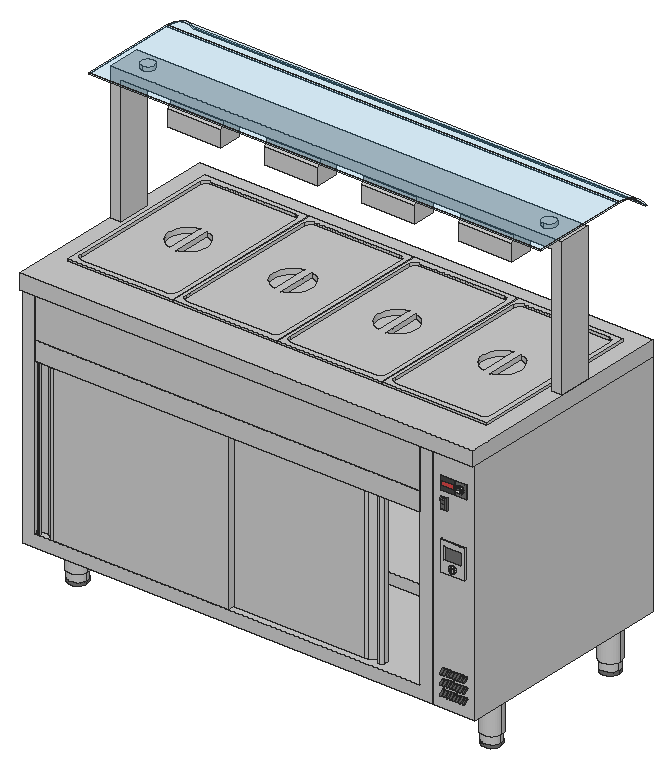
Revit family "QF_INOMAK_MJV714_250606113209", category Specialty Equipment, Revit 2021
Family settings
  Round Connector Dimension = Use Diameter
  Part Type = Normal
  OmniClass Number = 23.40.40.14
  OmniClass Title = Food Service Equipment
  Work Plane-Based = No
  Always vertical = Yes
  Cut with Voids When Loaded = No
  Shared = No
  Room Calculation Point = No
Parameters (values of type "MJV714")
  Weight [instance] = 82.0004 kg
  Waste Water Discharge Temperature [instance] = 0 °C
  Waste Remarks [instance] = ""
  Warranty Start Date [instance] = ""
  Warranty Duration [instance] = ""
  Volts [instance] = 400 V
  Volt Free Conn [instance] = no
  URL Recommended Spares List [instance] = ""
  URL Manufacturer [instance] = ""
  URL Cutsheet [instance] = ""
  URL Critical Spares List [instance] = ""
  URL = "www.inomak.com"
  Technical Documentation [instance] = ""
  Tag Number [instance] = ""
  Status [instance] = ""
  Start Up Current [instance] = 0 A
  Specification by User [instance] = ""
  Specification by Manufacturer [instance] = ""
  Sound Level [instance] = ""
  Show Logo [instance] = yes
  Show Clearances [instance] = yes
  Service Life Duration [instance] = ""
  Serial Number [instance] = ""
  Seismic Rating [instance] = ""
  SMACNA No [instance] = ""
  Revision Code [instance] = ""
  Revision [instance] = ""
  Production Year [instance] = ""
  Potential Equalisation [instance] = no
  Point Load [instance] = 0
  Plumbing Remarks [instance] = ""
  Plumbing Connection Type [instance] = ""
  Phase [instance] = 3
  Other Equipment Approvals [instance] = ""
  Operational Current [instance] = 0 A
  Odor Trap Included [instance] = no
  Number of Poles [instance] = 3
  No Load Power Draw [instance] = no
  National Water Regulation Certification [instance] = no
  NAFEM Spec ID Number [instance] = ""
  Model Warning [instance] = ""
  Model = "MJV714"
  Min Ckt Ampacity [instance] = 0 A
  Max Overcurrent Protection [instance] = 25 A
  Masterspec [instance] = ""
  Manufacturer = "INOMAK"
  Main switch integrated [instance] = no
  Length Actual [instance] = 1405.89 mm
  Item Number [instance] = ""
  Installed By [instance] = ""
  Installation Date [instance] = ""
  Indirect Waste Size [instance] = 25.4 mm
  Indirect Waste Remarks [instance] = ""
  Indirect Waste Flow [instance] = 0.0 L/s
  Indirect Waste Connection Type [instance] = ""
  Indirect Waste Connection Height [instance] = 0 mm
  Identify Quantity as Lot [instance] = no
  ID [instance] = ""
  Hygiene Approval [instance] = ""
  Height Actual [instance] = 1312.926 mm
  HP power [instance] = ""
  Furnished By [instance] = ""
  Foodservice Equipment Identifier [instance] = no
  FL Amps [instance] = 19.1 A
  Electrical Remarks [instance] = ""
  Electric power [instance] = 4360 W
  Electric Connection Type [instance] = ""
  Elec Conn RI Height [instance] = 0 mm
  Elec Conn Connection Height [instance] = 0 mm
  ETL Approved [instance] = no
  Direct Waste Water Discharge Temperature [instance] = -273.15 °C
  Direct Waste Size [instance] = 25.4 mm
  Direct Waste RI Height [instance] = 0 mm
  Direct Waste Flow [instance] = 0.0 L/s
  Direct Waste Connection Height [instance] = 0 mm
  Description = "BAIN MARIE ON HEATED CUPBOARD WITH 3 GN PANS CAPACITY AND SINGLE SNEEZE GUARD"
  Depth Actual [instance] = 700.024 mm
  Default Elevation = 0 mm
  Cycle [instance] = 50 Hz
  Cost = 0
  Connection to energy optimisation system [instance] = yes
  Conn Plug [instance] = ""
  Conn Conduit [instance] = no
  Cold Water Temperature Recommended [instance] = 0 °C
  Cold Water Size [instance] = 12.7 mm
  Cold Water Remarks [instance] = ""
  Cold Water RI Height [instance] = 0 mm
  Cold Water Quality [instance] = ""
  Cold Water Minimum Pressure [instance] = 200000.0 Pa
  Cold Water Maximum Pressure [instance] = 600000.0 Pa
  Cold Water Flow [instance] = 0.0 L/s
  Cold Water Connection Type [instance] = ""
  Cold Water Connection Height [instance] = 0 mm
  Centralized building control system with digital interface [instance] = ""
  CSI MasterFormat [instance] = ""
  CE Approved [instance] = no
  Barcode [instance] = 0
  Author [instance] = ""
  Asset Identifier [instance] = ""
  Apparent Power [instance] = 4360 VA
  Accessory [instance] = no
Reference planes
  plane 1 "Center (Front/Back)": y = 0
  plane 2: z = 0
  plane 3 "Center (Left/Right)": x = 0
Forms (mm)
  Extrusion 1, solid, not visible
    sketch origin (110.005, -510.025, 146.007) x (1, 0, 0) y (0, 1, 0)
      loop
        line (-2, 2) -> (-2, -2) -> (2, -2) -> (2, 2) -> (-2, 2)
    from -2 to 2
  Extrusion 2, solid, not visible
    sketch origin (110.005, -410.02, 146.007) x (1, 0, 0) y (0, 1, 0)
      loop
        line (-2, 2) -> (-2, -2) -> (2, -2) -> (2, 2) -> (-2, 2)
    from -2 to 2
  Extrusion 3, solid, not visible
    sketch origin (1360.066, -635.031, 146.007) x (1, 0, 0) y (0, 1, 0)
      loop
        line (-2, 2) -> (-2, -2) -> (2, -2) -> (2, 2) -> (-2, 2)
    from -2 to 2
Dimensions and locks
  locked: nested 2 to Extrusion 1 at 2  (x2)
  locked: nested 3 to Extrusion 2 at 2  (x2)
  locked: nested 4 to Extrusion 3 at 2  (x2)
  aligned and locked: level to plane 2
Nested families
  nested 1: "QF_INOMAK_CUPBOARD_BAIN_MARIES_1410_2920" at (0, 0, 144), type "MJV714"
    with Weight 82.0004 kg, Warranty Start Date "", Warranty Duration "", URL Cutsheet "", Technical Documentation "", Tag Number "", Status "", Specification by User "", Specification by Manufacturer "", Sound Level "", Solid Fuel Type "", Show Logo yes, Show Clearances yes, Service Life Duration "", Serial Number "", Seismic Rating "", SMACNA No "", Revision Code "", Revision "", Production Year "", Point Load 0, Other Equipment Approvals "", NAFEM Spec ID Number "", Model Warning "", Masterspec "", Length Actual 1405.89 mm, Item Number "", Installed By "", Installation Date "", Identify Quantity as Lot yes, ID "", Hygiene Approval "", Height Actual 1312.926 mm, Furnished By "", Foodservice Equipment Identifier yes, ETL Approved yes, Depth Actual 700.024 mm, CSI MasterFormat "", CE Approved yes, Barcode "", Author "", Asset Identifier "", Accessory no
  nested 2: "CONN_POINT_COLDWATER_2D___Generic_Annotation" at (110.005, -510.025, 144.007), type "CONN_POINT_COLDWATER_2D___Generic_Annotation"
    with Onboard connection annotation symbol visibility yes
  nested 3: "CONN_POINT_DRAIN_2D___Generic_Annotation" at (110.005, -410.02, 144.007), type "CONN_POINT_DRAIN_2D___Generic_Annotation"
    with Onboard connection annotation symbol visibility yes
  nested 4: "CONN_POINT_ELE_2D___Generic_Annotation" at (1360.066, -635.031, 144.007), type "CONN_POINT_ELE_2D___Generic_Annotation"
    with Onboard connection annotation symbol visibility yes
  nested 5: "QF_INOMAK_HEAT_WORKTOPS_HTSS_1410_5042" at (0, 0, 900), type "HTSS-1410-630"
    with Weight 0.00 kg, Warranty Start Date "", Warranty Duration "", URL Cutsheet "", Technical Documentation "", Tag Number "", Status "", Specification by User "", Specification by Manufacturer "", Sound Level "", Solid Fuel Type "", Show Logo yes, Show Clearances yes, Service Life Duration "", Serial Number "", Seismic Rating "", SMACNA No "", Revision Code "", Revision "", Production Year "", Point Load 0, Other Equipment Approvals "", NAFEM Spec ID Number "", Model Warning "", Masterspec "", Length Actual 1405.89 mm, Item Number "", Installed By "", Installation Date "", Identify Quantity as Lot yes, ID "", Hygiene Approval "", Height Actual 439.928 mm, Furnished By "", Foodservice Equipment Identifier yes, ETL Approved yes, Depth Actual 629.92 mm, CSI MasterFormat "", CE Approved yes, Barcode "", Author "", Asset Identifier "", Accessory yes
  nested 6: "QF_INOMAK_LEGS_6112" at (0, 0, 0), type "LG-1410-700"
    with Weight 0.00 kg, Warranty Start Date "", Warranty Duration "", URL Cutsheet "", Technical Documentation "", Tag Number "", Status "", Specification by User "", Specification by Manufacturer "", Sound Level "", Solid Fuel Type "", Show Logo yes, Show Clearances yes, Service Life Duration "", Serial Number "", Seismic Rating "", SMACNA No "", Revision Code "", Revision "", Production Year "", Point Load 0, Other Equipment Approvals "", NAFEM Spec ID Number "", Model Warning "", Masterspec "", Length Actual 1405.89 mm, Item Number "", Installed By "", Installation Date "", Identify Quantity as Lot yes, ID "", Hygiene Approval "", Height Actual 144.018 mm, Furnished By "", Foodservice Equipment Identifier yes, ETL Approved yes, Depth Actual 700.024 mm, CSI MasterFormat "", CE Approved yes, Barcode "", Author "", Asset Identifier "", Accessory yes
Connectors
  piping at (110.005, -510.025, 144.007), diameter 12.7, driven by "Cold Water Size", driven by "Cold Water Flow"
    settings: on Extrusion 1, index 1, connector inside diameter 609.6 mm, connector length 0 mm, flow factor 0, pipe flow 0.0 L/s, pressure drop 0.0 Pa, fitting loss kfactor 0, connector angle 0.00°, fixture units 0, engagement length 0 mm, angle of deflection 0.00°, flow configuration 1, flow direction 1, fitting loss method 0, system type 20, joint type 0, gender type 0, connector reference index -1, connector utility 0, adjustable connector no, is connector primary yes, connector description "Cold Water connection for MJV714"
  piping at (110.005, -410.02, 144.007), diameter 25.4, driven by "Indirect Waste Size", driven by "Direct Waste Flow"
    settings: on Extrusion 2, index 2, connector inside diameter 609.6 mm, connector length 0 mm, flow factor 0, pipe flow 0.0 L/s, pressure drop 0.0 Pa, fitting loss kfactor 0, connector angle 0.00°, fixture units 0, engagement length 0 mm, angle of deflection 0.00°, flow configuration 1, flow direction 2, fitting loss method 0, system type 16, joint type 0, gender type 0, connector reference index -1, connector utility 0, adjustable connector no, is connector primary no, connector description "Waste connection for MJV714"
  electrical at (1360.066, -635.031, 144.007), driven by "Apparent Power", driven by "Number of Poles", driven by "Volts"
    settings: on Extrusion 3, index 3, voltage 400 V, apparent load 0 VA, apparent load phase1 4360 VA, apparent load phase2 0 VA, apparent load phase3 0 VA, power factor 1, load classification "Other", number of poles 3, system type 31, power factor state 1, is connector primary yes, connector utility no, sub classification motor no, connector description "Electrical connection for MJV714"
Definition of nested family "QF_INOMAK_CUPBOARD_BAIN_MARIES_1410_2920"
  Parameters (values of type "MFV714")
    Weight [instance] = 0.00 kg
    Warranty Start Date [instance] = ""
    Warranty Duration [instance] = ""
    URL Cutsheet [instance] = ""
    URL = "www.inomak.com"
    Technical Documentation [instance] = ""
    Tag Number [instance] = ""
    Status [instance] = ""
    Specification by User [instance] = ""
    Specification by Manufacturer [instance] = ""
    Sound Level [instance] = ""
    Solid Fuel Type [instance] = ""
    Show Logo [instance] = yes
    Show Clearances [instance] = yes
    Service Life Duration [instance] = ""
    Serial Number [instance] = ""
    Seismic Rating [instance] = ""
    SMACNA No [instance] = ""
    Revision Code [instance] = ""
    Revision [instance] = ""
    Production Year [instance] = ""
    Point Load [instance] = 0
    Other Equipment Approvals [instance] = ""
    NAFEM Spec ID Number [instance] = ""
    Model Warning [instance] = ""
    Model = "MFV714"
    Masterspec [instance] = ""
    Manufacturer = "INOMAK"
    Length Actual [instance] = 0 mm
    Item Number [instance] = ""
    Installed By [instance] = ""
    Installation Date [instance] = ""
    Identify Quantity as Lot [instance] = yes
    ID [instance] = ""
    Hygiene Approval [instance] = ""
    Height Actual [instance] = 0 mm
    Furnished By [instance] = ""
    Foodservice Equipment Identifier [instance] = yes
    ETL Approved [instance] = yes
    Description = "BAIN MARIE ON CUPBOARD WITH 3 GN PANS CAPACITY AND SHOWCASE"
    Depth Actual [instance] = 0 mm
    Default Elevation = 0 mm
    CSI MasterFormat [instance] = ""
    CE Approved [instance] = yes
    Barcode [instance] = ""
    Author [instance] = ""
    Asset Identifier [instance] = ""
    Assembly Code = "E1090320"
    Accessory [instance] = yes
  Types (10, lengths in mm): name | Model | Description
    MFV714 | "MFV714" | "BAIN MARIE ON CUPBOARD WITH 3 GN PANS CAPACITY AND SHOWCASE"
    MDV714 | "MDV714" | "BAIN MARIE ON CUPBOARD WITH 3 GN PANS CAPACITY"
    MVV714 | "MVV714" | "BAIN MARIE ON CUPBOARD WITH 3 GN PANS CAPACITY AND SINGLE SNEEZE GUARD"
    MRV714 | "MRV714" | "BAIN MARIE ON CUPBOARD WITH 3 GN PANS CAPACITY AND DOUBLE SNEEZE GUARD"
    MFSQ714 | "MFSQ714" | "BAIN MARIE ON CUPBOARD WITH 3 GN PANS CAPACITY AND SQUARE SHOWCASE"
    MIV714 | "MIV714" | "BAIN MARIE ON HEATED CUPBOARD WITH 3 GN PANS CAPACITY AND SHOWCASE"
    MHV714 | "MHV714" | "BAIN MARIE ON HEATED CUPBOARD WITH 3 GN PANS CAPACITY"
    MJV714 | "MJV714" | "BAIN MARIE ON HEATED CUPBOARD WITH 3 GN PANS CAPACITY AND SINGLE SNEEZE GUARD"
    MQV714 | "MQV714" | "BAIN MARIE ON HEATED CUPBOARD WITH 3 GN PANS CAPACITY AND DOUBLE SNEEZE GUARD"
    MISQ714 | "MISQ714" | "BAIN MARIE ON HEATED CUPBOARD WITH 3 GN PANS CAPACITY AND SQUARE SHOWCASE"
  Reference planes
    plane 1 "Back": y = 0
    plane 2: z = 0
    plane 3 "Left": x = 0
    plane 4 "Right": x = 1406
    plane 5 "Front": y = -700
    plane 6 "Top": z = 756
  Forms (mm)
    Extrusion 1, solid
      sketch origin (784.283, -707, -123.631) x (-1, 0, 0) y (0, 0, 1)
        loop
          arc (-522.253, 235.165) -> (-526.351, 236.263) -> (-527.449, 232.165) r 3
          line (-527.449, 232.165) -> (-518.449, 216.577)
          arc (-518.449, 216.577) -> (-514.351, 215.479) -> (-513.253, 219.577) r 3
          line (-513.253, 219.577) -> (-522.253, 235.165)
        loop
          arc (-532.253, 235.165) -> (-536.351, 236.263) -> (-537.449, 232.165) r 3
          line (-537.449, 232.165) -> (-528.449, 216.577)
          arc (-528.449, 216.577) -> (-524.351, 215.479) -> (-523.253, 219.577) r 3
          line (-523.253, 219.577) -> (-532.253, 235.165)
        loop
          arc (-542.253, 235.165) -> (-546.351, 236.263) -> (-547.449, 232.165) r 3
          line (-547.449, 232.165) -> (-538.449, 216.577)
          arc (-538.449, 216.577) -> (-534.351, 215.479) -> (-533.253, 219.577) r 3
          line (-533.253, 219.577) -> (-542.253, 235.165)
        loop
          arc (-552.253, 235.165) -> (-556.351, 236.263) -> (-557.449, 232.165) r 3
          line (-557.449, 232.165) -> (-548.449, 216.577)
          arc (-548.449, 216.577) -> (-544.351, 215.479) -> (-543.253, 219.577) r 3
          line (-543.253, 219.577) -> (-552.253, 235.165)
        loop
          arc (-562.253, 235.165) -> (-566.351, 236.263) -> (-567.449, 232.165) r 3
          line (-567.449, 232.165) -> (-558.449, 216.577)
          arc (-558.449, 216.577) -> (-554.351, 215.479) -> (-553.253, 219.577) r 3
          line (-553.253, 219.577) -> (-562.253, 235.165)
        loop
          arc (-572.253, 235.165) -> (-576.351, 236.263) -> (-577.449, 232.165) r 3
          line (-577.449, 232.165) -> (-568.449, 216.577)
          arc (-568.449, 216.577) -> (-564.351, 215.479) -> (-563.253, 219.577) r 3
          line (-563.253, 219.577) -> (-572.253, 235.165)
        loop
          arc (-582.253, 235.165) -> (-586.351, 236.263) -> (-587.449, 232.165) r 3
          line (-587.449, 232.165) -> (-578.449, 216.577)
          arc (-578.449, 216.577) -> (-574.351, 215.479) -> (-573.253, 219.577) r 3
          line (-573.253, 219.577) -> (-582.253, 235.165)
        loop
          arc (-592.253, 235.165) -> (-596.351, 236.263) -> (-597.449, 232.165) r 3
          line (-597.449, 232.165) -> (-588.449, 216.577)
          arc (-588.449, 216.577) -> (-584.351, 215.479) -> (-583.253, 219.577) r 3
          line (-583.253, 219.577) -> (-592.253, 235.165)
        loop
          arc (-522.253, 205.165) -> (-526.351, 206.263) -> (-527.449, 202.165) r 3
          line (-527.449, 202.165) -> (-518.449, 186.577)
          arc (-518.449, 186.577) -> (-514.351, 185.479) -> (-513.253, 189.577) r 3
          line (-513.253, 189.577) -> (-522.253, 205.165)
        loop
          arc (-532.253, 205.165) -> (-536.351, 206.263) -> (-537.449, 202.165) r 3
          line (-537.449, 202.165) -> (-528.449, 186.577)
          arc (-528.449, 186.577) -> (-524.351, 185.479) -> (-523.253, 189.577) r 3
          line (-523.253, 189.577) -> (-532.253, 205.165)
        loop
          arc (-542.253, 205.165) -> (-546.351, 206.263) -> (-547.449, 202.165) r 3
          line (-547.449, 202.165) -> (-538.449, 186.577)
          arc (-538.449, 186.577) -> (-534.351, 185.479) -> (-533.253, 189.577) r 3
          line (-533.253, 189.577) -> (-542.253, 205.165)
        loop
          arc (-552.253, 205.165) -> (-556.351, 206.263) -> (-557.449, 202.165) r 3
          line (-557.449, 202.165) -> (-548.449, 186.577)
          arc (-548.449, 186.577) -> (-544.351, 185.479) -> (-543.253, 189.577) r 3
          line (-543.253, 189.577) -> (-552.253, 205.165)
        loop
          arc (-562.253, 205.165) -> (-566.351, 206.263) -> (-567.449, 202.165) r 3
          line (-567.449, 202.165) -> (-558.449, 186.577)
          arc (-558.449, 186.577) -> (-554.351, 185.479) -> (-553.253, 189.577) r 3
          line (-553.253, 189.577) -> (-562.253, 205.165)
        loop
          arc (-572.253, 205.165) -> (-576.351, 206.263) -> (-577.449, 202.165) r 3
          line (-577.449, 202.165) -> (-568.449, 186.577)
          arc (-568.449, 186.577) -> (-564.351, 185.479) -> (-563.253, 189.577) r 3
          line (-563.253, 189.577) -> (-572.253, 205.165)
        loop
          arc (-582.253, 205.165) -> (-586.351, 206.263) -> (-587.449, 202.165) r 3
          line (-587.449, 202.165) -> (-578.449, 186.577)
          arc (-578.449, 186.577) -> (-574.351, 185.479) -> (-573.253, 189.577) r 3
          line (-573.253, 189.577) -> (-582.253, 205.165)
        loop
          arc (-592.253, 205.165) -> (-596.351, 206.263) -> (-597.449, 202.165) r 3
          line (-597.449, 202.165) -> (-588.449, 186.577)
          arc (-588.449, 186.577) -> (-584.351, 185.479) -> (-583.253, 189.577) r 3
          line (-583.253, 189.577) -> (-592.253, 205.165)
        loop
          arc (-522.253, 175.165) -> (-526.351, 176.263) -> (-527.449, 172.165) r 3
          line (-527.449, 172.165) -> (-518.449, 156.577)
          arc (-518.449, 156.577) -> (-514.351, 155.479) -> (-513.253, 159.577) r 3
          line (-513.253, 159.577) -> (-522.253, 175.165)
        loop
          arc (-532.253, 175.165) -> (-536.351, 176.263) -> (-537.449, 172.165) r 3
          line (-537.449, 172.165) -> (-528.449, 156.577)
          arc (-528.449, 156.577) -> (-524.351, 155.479) -> (-523.253, 159.577) r 3
          line (-523.253, 159.577) -> (-532.253, 175.165)
        loop
          arc (-542.253, 175.165) -> (-546.351, 176.263) -> (-547.449, 172.165) r 3
          line (-547.449, 172.165) -> (-538.449, 156.577)
          arc (-538.449, 156.577) -> (-534.351, 155.479) -> (-533.253, 159.577) r 3
          line (-533.253, 159.577) -> (-542.253, 175.165)
        loop
          arc (-552.253, 175.165) -> (-556.351, 176.263) -> (-557.449, 172.165) r 3
          line (-557.449, 172.165) -> (-548.449, 156.577)
          arc (-548.449, 156.577) -> (-544.351, 155.479) -> (-543.253, 159.577) r 3
          line (-543.253, 159.577) -> (-552.253, 175.165)
        loop
          arc (-562.253, 175.165) -> (-566.351, 176.263) -> (-567.449, 172.165) r 3
          line (-567.449, 172.165) -> (-558.449, 156.577)
          arc (-558.449, 156.577) -> (-554.351, 155.479) -> (-553.253, 159.577) r 3
          line (-553.253, 159.577) -> (-562.253, 175.165)
        loop
          arc (-572.253, 175.165) -> (-576.351, 176.263) -> (-577.449, 172.165) r 3
          line (-577.449, 172.165) -> (-568.449, 156.577)
          arc (-568.449, 156.577) -> (-564.351, 155.479) -> (-563.253, 159.577) r 3
          line (-563.253, 159.577) -> (-572.253, 175.165)
        loop
          arc (-582.253, 175.165) -> (-586.351, 176.263) -> (-587.449, 172.165) r 3
          line (-587.449, 172.165) -> (-578.449, 156.577)
          arc (-578.449, 156.577) -> (-574.351, 155.479) -> (-573.253, 159.577) r 3
          line (-573.253, 159.577) -> (-582.253, 175.165)
        loop
          arc (-592.253, 175.165) -> (-596.351, 176.263) -> (-597.449, 172.165) r 3
          line (-597.449, 172.165) -> (-588.449, 156.577)
          arc (-588.449, 156.577) -> (-584.351, 155.479) -> (-583.253, 159.577) r 3
          line (-583.253, 159.577) -> (-592.253, 175.165)
      from 16.5 to 18.5
    Extrusion 2, solid
      sketch origin (1092.266, -692, 538.514) x (-1, 0, 0) y (0, 0, 1)
        loop
          line (-208.234, 108.408) -> (-253.234, 108.408) -> (-253.234, 68.408) -> (-208.234, 68.408) -> (-208.234, 108.408)
      from 0 to 2
    Extrusion 3, solid
      sketch origin (370.5, -693, 539.422) x (-1, 0, 0) y (0, 0, 1)
        loop
          line (-950, 15) -> (-930, 15) -> (-930, 50) -> (-950, 50) -> (-950, 15)
      from 0 to 3
    Extrusion 4, solid
      sketch origin (398.5, -568, 539.422) x (0, 1, 0) y (0, 0, 1)
        loop
          line (-125, 18) -> (-125, 47)
          arc (-125, 47) -> (-127.961, 46.812) -> (-130.754, 45.81) r 10.576
          line (-130.754, 45.81) -> (-128, 32.5) -> (-128, 18) -> (-125, 18)
      from 905 to 919
    Extrusion 5, solid
      sketch origin (1137.266, -692, 538.514) x (-1, 0, 0) y (0, 0, 1)
        loop
          line (-208.234, 108.408) -> (-243.234, 108.408) -> (-243.234, 68.408) -> (-208.234, 68.408) -> (-208.234, 108.408)
      from 0 to 2
    Extrusion 6, solid
      sketch origin (1092.266, -692.5, 538.514) x (-1, 0, 0) y (0, 0, 1)
        loop
          line (-213.234, 94.908) -> (-248.234, 94.908) -> (-248.234, 81.908) -> (-213.234, 81.908) -> (-213.234, 94.908)
      from 0 to 2.5
    Extrusion 7, solid
      sketch origin (1092.266, -692.5, 538.514) x (-1, 0, 0) y (0, 0, 1)
        loop
          line (-271.558, 91.171) -> (-275.802, 98.522) -> (-280.047, 91.171) -> (-271.558, 91.171)
        loop
          line (-271.558, 85.645) -> (-280.047, 85.645) -> (-275.802, 78.294) -> (-271.558, 85.645)
        loop
          line (-257.397, 85.645) -> (-267.397, 85.645) -> (-267.397, 78.294) -> (-257.397, 78.294) -> (-257.397, 85.645)
        loop
          line (-265.397, 98.522) -> (-267.397, 98.522) -> (-267.397, 92.322) -> (-259.549, 92.322) -> (-259.549, 91.171) -> (-257.397, 93.322) -> (-259.549, 95.474) -> (-259.549, 94.322) -> (-265.397, 94.322) -> (-265.397, 98.522)
      from 0 to 2.5
    Extrusion 8, solid
      sketch origin (-2, 0, 492) x (1, 0, 0) y (0, 1, 0)
        loop
          line (55, -50) -> (55, -580) -> (380, -580) -> (380, -50) -> (55, -50)
        loop
          arc (87.5, -65) -> (73.358, -70.858) -> (67.5, -85) r 20
          line (67.5, -85) -> (67.5, -545.415)
          arc (67.5, -545.415) -> (73.358, -559.557) -> (87.5, -565.415) r 20
          line (87.5, -565.415) -> (347.5, -565.415)
          arc (347.5, -565.415) -> (361.642, -559.557) -> (367.5, -545.415) r 20
          line (367.5, -545.415) -> (367.5, -85)
          arc (367.5, -85) -> (361.642, -70.858) -> (347.5, -65) r 20
          line (347.5, -65) -> (87.5, -65)
      from 218 to 270
    Extrusion 9, solid
      sketch origin (-2, 0, 485) x (1, 0, 0) y (0, 1, 0)
        loop
          arc (67.5, -545.415) -> (73.358, -559.557) -> (87.5, -565.415) r 20
          line (87.5, -565.415) -> (347.5, -565.415)
          arc (347.5, -565.415) -> (361.642, -559.557) -> (367.5, -545.415) r 20
          line (367.5, -545.415) -> (367.5, -85)
          arc (367.5, -85) -> (361.642, -70.858) -> (347.5, -65) r 20
          line (347.5, -65) -> (87.5, -65)
          arc (87.5, -65) -> (73.358, -70.858) -> (67.5, -85) r 20
          line (67.5, -85) -> (67.5, -545.415)
      from 225 to 270
    Extrusion 10, void
      sketch origin (-2, 0, 500) x (1, 0, 0) y (0, 1, 0)
        loop
          arc (207.5, -256.046) -> (157.5, -315.207) -> (207.5, -374.368) r 60
          line (207.5, -374.368) -> (207.5, -256.046)
        loop
          line (227.5, -256.046) -> (227.5, -374.368)
          arc (227.5, -374.368) -> (277.5, -315.207) -> (227.5, -256.046) r 60
      from 240 to 270
    Extrusion 11, solid
      sketch origin (323, 0, 492) x (1, 0, 0) y (0, 1, 0)
        loop
          line (55, -50) -> (55, -580) -> (380, -580) -> (380, -50) -> (55, -50)
        loop
          arc (87.5, -65) -> (73.358, -70.858) -> (67.5, -85) r 20
          line (67.5, -85) -> (67.5, -545.415)
          arc (67.5, -545.415) -> (73.358, -559.557) -> (87.5, -565.415) r 20
          line (87.5, -565.415) -> (347.5, -565.415)
          arc (347.5, -565.415) -> (361.642, -559.557) -> (367.5, -545.415) r 20
          line (367.5, -545.415) -> (367.5, -85)
          arc (367.5, -85) -> (361.642, -70.858) -> (347.5, -65) r 20
          line (347.5, -65) -> (87.5, -65)
      from 218 to 270
    Extrusion 12, solid
      sketch origin (323, 0, 485) x (1, 0, 0) y (0, 1, 0)
        loop
          arc (67.5, -545.415) -> (73.358, -559.557) -> (87.5, -565.415) r 20
          line (87.5, -565.415) -> (347.5, -565.415)
          arc (347.5, -565.415) -> (361.642, -559.557) -> (367.5, -545.415) r 20
          line (367.5, -545.415) -> (367.5, -85)
          arc (367.5, -85) -> (361.642, -70.858) -> (347.5, -65) r 20
          line (347.5, -65) -> (87.5, -65)
          arc (87.5, -65) -> (73.358, -70.858) -> (67.5, -85) r 20
          line (67.5, -85) -> (67.5, -545.415)
      from 225 to 270
    Extrusion 13, void
      sketch origin (323, 0, 500) x (1, 0, 0) y (0, 1, 0)
        loop
          arc (207.5, -256.046) -> (157.5, -315.207) -> (207.5, -374.368) r 60
          line (207.5, -374.368) -> (207.5, -256.046)
        loop
          line (227.5, -256.046) -> (227.5, -374.368)
          arc (227.5, -374.368) -> (277.5, -315.207) -> (227.5, -256.046) r 60
      from 240 to 270
    Extrusion 14, solid
      sketch origin (973, 0, 492) x (1, 0, 0) y (0, 1, 0)
        loop
          line (55, -50) -> (55, -580) -> (380, -580) -> (380, -50) -> (55, -50)
        loop
          arc (87.5, -65) -> (73.358, -70.858) -> (67.5, -85) r 20
          line (67.5, -85) -> (67.5, -545.415)
          arc (67.5, -545.415) -> (73.358, -559.557) -> (87.5, -565.415) r 20
          line (87.5, -565.415) -> (347.5, -565.415)
          arc (347.5, -565.415) -> (361.642, -559.557) -> (367.5, -545.415) r 20
          line (367.5, -545.415) -> (367.5, -85)
          arc (367.5, -85) -> (361.642, -70.858) -> (347.5, -65) r 20
          line (347.5, -65) -> (87.5, -65)
      from 218 to 270
    Extrusion 15, solid
      sketch origin (973, 0, 485) x (1, 0, 0) y (0, 1, 0)
        loop
          arc (67.5, -545.415) -> (73.358, -559.557) -> (87.5, -565.415) r 20
          line (87.5, -565.415) -> (347.5, -565.415)
          arc (347.5, -565.415) -> (361.642, -559.557) -> (367.5, -545.415) r 20
          line (367.5, -545.415) -> (367.5, -85)
          arc (367.5, -85) -> (361.642, -70.858) -> (347.5, -65) r 20
          line (347.5, -65) -> (87.5, -65)
          arc (87.5, -65) -> (73.358, -70.858) -> (67.5, -85) r 20
          line (67.5, -85) -> (67.5, -545.415)
      from 225 to 270
    Extrusion 16, void
      sketch origin (973, 0, 500) x (1, 0, 0) y (0, 1, 0)
        loop
          arc (207.5, -256.046) -> (157.5, -315.207) -> (207.5, -374.368) r 60
          line (207.5, -374.368) -> (207.5, -256.046)
        loop
          line (227.5, -256.046) -> (227.5, -374.368)
          arc (227.5, -374.368) -> (277.5, -315.207) -> (227.5, -256.046) r 60
      from 240 to 270
    Extrusion 17, solid
      sketch origin (0, 0, 710) x (1, 0, 0) y (0, 1, 0)
        loop
          line (0, 0) -> (0, -700) -> (1406, -700) -> (1406, 0) -> (0, 0)
        loop
          line (53, -50) -> (53, -580) -> (1353, -580) -> (1353, -50) -> (53, -50)
      from 0 to 46
    Extrusion 18, solid
      sketch origin (0, 0, 0) x (1, 0, 0) y (0, 1, 0)
        loop
          line (0, -690) -> (40, -690) -> (40, -40) -> (1235, -40) -> (1235, -690) -> (1275, -690) -> (1275, 0) -> (0, 0) -> (0, -690)
      from 0 to 710
    Extrusion 19, solid
      sketch origin (303, 0, 0) x (1, 0, 0) y (0, 1, 0)
        loop
          line (972, 0) -> (972, -690) -> (1103, -690) -> (1103, 0) -> (972, 0)
      from 0 to 710
    Extrusion 20, solid
      sketch origin (-130, -690, 0) x (-1, 0, 0) y (0, 1, 0)
        loop
          line (-170, 10) -> (-170, 20) -> (-770, 20) -> (-770, 0) -> (-226.156, 0)
          arc (-226.156, 0) -> (-220.272, 0.885) -> (-214.91, 3.461) r 20
          line (-214.91, 3.461) -> (-195, 17) -> (-173, 17) -> (-173, 10)
          arc (-173, 10) -> (-175.05, 5.05) -> (-180, 3) r 7
          line (-180, 3) -> (-185.012, 3) -> (-185.012, 0) -> (-180, 0)
          arc (-180, 0) -> (-172.929, 2.929) -> (-170, 10) r 10
      from -40 to -520
    Extrusion 21, solid
      sketch origin (173, -690, 0) x (-1, 0, 0) y (0, 1, 0)
        loop
          arc (-930, 30) -> (-927.071, 22.929) -> (-920, 20) r 10
          line (-920, 20) -> (-914.988, 20) -> (-914.988, 23) -> (-920, 23)
          arc (-920, 23) -> (-924.95, 25.05) -> (-927, 30) r 7
          line (-927, 30) -> (-927, 37) -> (-905, 37) -> (-885.09, 23.461)
          arc (-885.09, 23.461) -> (-879.728, 20.885) -> (-873.844, 20) r 20
          line (-873.844, 20) -> (-325, 20) -> (-325, 40) -> (-930, 40) -> (-930, 30)
      from -40 to -520
    Extrusion 22, solid
      sketch origin (0, 0, 0) x (1, 0, 0) y (0, 1, 0)
        loop
          line (40, -40) -> (40, -690) -> (1235, -690) -> (1235, -40) -> (40, -40)
      from 0 to 40
    Extrusion 23, solid
      sketch origin (0, 0, 672.314) x (1, 0, 0) y (0, 1, 0)
        loop
          line (40, -40) -> (40, -690) -> (1235, -690) -> (1235, -40) -> (40, -40)
      from -92.314 to 37.686
    Extrusion 24, solid
      sketch origin (0, 0, 610.314) x (1, 0, 0) y (0, 1, 0)
        loop
          line (40, -40) -> (40, -690) -> (1235, -690) -> (1235, -40) -> (40, -40)
      from -90.314 to -30.314
    Extrusion 25, solid
      sketch origin (-2, 0, 252.5) x (1, 0, 0) y (0, 1, 0)
        loop
          line (42, -40) -> (42, -645) -> (1237, -645) -> (1237, -40) -> (42, -40)
      from 0 to 35
    Extrusion 26, solid
      sketch origin (310.002, -695, 50) x (-1, 0, 0) y (0, 0, 1)
        loop
          line (-992.998, 421.076) -> (-1067.998, 421.076) -> (-1067.998, 331.076) -> (-992.998, 331.076) -> (-992.998, 421.076)
        loop
          line (-1003.957, 406.276) -> (-1058.957, 406.276) -> (-1058.957, 366.276) -> (-1003.957, 366.276) -> (-1003.957, 406.276)
      from 0 to 5
    Extrusion 27, solid
      sketch origin (310.002, -692, 50) x (-1, 0, 0) y (0, 0, 1)
        loop
          line (-1003.957, 406.276) -> (-1058.957, 406.276) -> (-1058.957, 366.276) -> (-1003.957, 366.276) -> (-1003.957, 406.276)
      from 0 to 2
    Revolve 28, solid
      sketch origin (1340.5, 59.612, -3292.415) x (0, 1, 0) y (0, 0, 1)
        loop
          line (-757.012, 3691.152) -> (-754.612, 3691.152) -> (-754.612, 3701.789) -> (-757.662, 3701.789) -> (-759.012, 3699.998) -> (-757.012, 3699.998) -> (-757.012, 3691.152)
        axis (-754.612, 3691.152) -> (-759.012, 3691.152)
      angle from 0 to 360
    Extrusion 29, solid
      sketch origin (-751.127, -695, 2689.585) x (-1, 0, 0) y (0, 0, 1)
        loop
          line (-2090.827, -2287.348) -> (-2092.827, -2287.348) -> (-2092.827, -2294.348) -> (-2090.827, -2294.348) -> (-2090.827, -2287.348)
        loop
          circle (-2091.627, -2290.848) r 7.846
      from -4.4 to -2.4
    Extrusion 30, solid
      sketch origin (648, 0, 492) x (1, 0, 0) y (0, 1, 0)
        loop
          line (55, -50) -> (55, -580) -> (380, -580) -> (380, -50) -> (55, -50)
        loop
          arc (87.5, -65) -> (73.358, -70.858) -> (67.5, -85) r 20
          line (67.5, -85) -> (67.5, -545.415)
          arc (67.5, -545.415) -> (73.358, -559.557) -> (87.5, -565.415) r 20
          line (87.5, -565.415) -> (347.5, -565.415)
          arc (347.5, -565.415) -> (361.642, -559.557) -> (367.5, -545.415) r 20
          line (367.5, -545.415) -> (367.5, -85)
          arc (367.5, -85) -> (361.642, -70.858) -> (347.5, -65) r 20
          line (347.5, -65) -> (87.5, -65)
      from 218 to 270
    Extrusion 31, solid
      sketch origin (648, 0, 485) x (1, 0, 0) y (0, 1, 0)
        loop
          arc (67.5, -545.415) -> (73.358, -559.557) -> (87.5, -565.415) r 20
          line (87.5, -565.415) -> (347.5, -565.415)
          arc (347.5, -565.415) -> (361.642, -559.557) -> (367.5, -545.415) r 20
          line (367.5, -545.415) -> (367.5, -85)
          arc (367.5, -85) -> (361.642, -70.858) -> (347.5, -65) r 20
          line (347.5, -65) -> (87.5, -65)
          arc (87.5, -65) -> (73.358, -70.858) -> (67.5, -85) r 20
          line (67.5, -85) -> (67.5, -545.415)
      from 225 to 270
    Extrusion 32, void
      sketch origin (648, 0, 500) x (1, 0, 0) y (0, 1, 0)
        loop
          arc (207.5, -256.046) -> (157.5, -315.207) -> (207.5, -374.368) r 60
          line (207.5, -374.368) -> (207.5, -256.046)
        loop
          line (227.5, -256.046) -> (227.5, -374.368)
          arc (227.5, -374.368) -> (277.5, -315.207) -> (227.5, -256.046) r 60
      from 240 to 270
  Cuts and joins
    Extrusion 10, Extrusion 13 cuts Extrusion 9
    Extrusion 13, Extrusion 16, Extrusion 32 cuts Extrusion 12
    Extrusion 16 cuts Extrusion 15
    joined: Extrusion 18, Extrusion 22
    Extrusion 32 cuts Extrusion 31
  Lines and regions (mm)
    symbolic lines
      curve 1: line (0, 0, 0) -> (1406, 0, 0)
      curve 2: line (0, -700, 0) -> (0, 0, 0)
      curve 3: line (1406, -700, 0) -> (0, -700, 0)
      curve 4: line (1406, 0, 0) -> (1406, -700, 0)
      curve 5: line (53, -50, 0) -> (1353, -50, 0)
      curve 6: line (53, -580, 0) -> (53, -50, 0)
      curve 7: line (1353, -580, 0) -> (53, -580, 0)
      curve 8: line (703, -50, 0) -> (703, -580, 0)
      curve 9: line (378, -50, 0) -> (378, -580, 0)
      curve 10: line (1353, -50, 0) -> (1353, -580, 0)
      curve 11: line (1028, -50, 0) -> (1028, -580, 0)
      curve 12: line (85.5, -65, 0) -> (345.5, -65, 0)
      curve 13: arc (345.5, -65, 0) -> (359.642, -70.858, 0) -> (365.5, -85, 0) r 20
      curve 14: line (365.5, -85, 0) -> (365.5, -545.415, 0)
      curve 15: arc (365.5, -545.415, 0) -> (359.642, -559.557, 0) -> (345.5, -565.415, 0) r 20
      curve 16: line (345.5, -565.415, 0) -> (85.5, -565.415, 0)
      curve 17: arc (85.5, -565.415, 0) -> (71.358, -559.557, 0) -> (65.5, -545.415, 0) r 20
      curve 18: line (65.5, -545.415, 0) -> (65.5, -85, 0)
      curve 19: arc (65.5, -85, 0) -> (71.358, -70.858, 0) -> (85.5, -65, 0) r 20
      curve 20: arc (205.5, -256.046, 0) -> (155.5, -315.207, 0) -> (205.5, -374.368, 0) r 60
      curve 21: line (205.5, -374.368, 0) -> (205.5, -256.046, 0)
      curve 22: line (225.5, -256.046, 0) -> (225.5, -374.368, 0)
      curve 23: arc (225.5, -374.368, 0) -> (275.5, -315.207, 0) -> (225.5, -256.046, 0) r 60
      curve 24: arc (390.5, -85, 0) -> (396.358, -70.858, 0) -> (410.5, -65, 0) r 20
      curve 25: line (410.5, -65, 0) -> (670.5, -65, 0)
      curve 26: arc (670.5, -65, 0) -> (684.642, -70.858, 0) -> (690.5, -85, 0) r 20
      curve 27: line (690.5, -85, 0) -> (690.5, -545.415, 0)
      curve 28: arc (690.5, -545.415, 0) -> (684.642, -559.557, 0) -> (670.5, -565.415, 0) r 20
      curve 29: line (670.5, -565.415, 0) -> (410.5, -565.415, 0)
      curve 30: arc (410.5, -565.415, 0) -> (396.358, -559.557, 0) -> (390.5, -545.415, 0) r 20
      curve 31: line (390.5, -545.415, 0) -> (390.5, -85, 0)
      curve 32: arc (530.5, -256.046, 0) -> (480.5, -315.207, 0) -> (530.5, -374.368, 0) r 60
      curve 33: line (530.5, -374.368, 0) -> (530.5, -256.046, 0)
      curve 34: line (550.5, -256.046, 0) -> (550.5, -374.368, 0)
      curve 35: arc (550.5, -374.368, 0) -> (600.5, -315.207, 0) -> (550.5, -256.046, 0) r 60
      curve 36: line (715.5, -545.415, 0) -> (715.5, -85, 0)
      curve 37: arc (715.5, -85, 0) -> (721.358, -70.858, 0) -> (735.5, -65, 0) r 20
      curve 38: line (735.5, -65, 0) -> (995.5, -65, 0)
      curve 39: arc (995.5, -65, 0) -> (1009.642, -70.858, 0) -> (1015.5, -85, 0) r 20
      curve 40: line (1015.5, -85, 0) -> (1015.5, -545.415, 0)
      curve 41: arc (1015.5, -545.415, 0) -> (1009.642, -559.557, 0) -> (995.5, -565.415, 0) r 20
      curve 42: line (995.5, -565.415, 0) -> (735.5, -565.415, 0)
      curve 43: arc (735.5, -565.415, 0) -> (721.358, -559.557, 0) -> (715.5, -545.415, 0) r 20
      curve 44: arc (855.5, -256.046, 0) -> (805.5, -315.207, 0) -> (855.5, -374.368, 0) r 60
      curve 45: line (855.5, -374.368, 0) -> (855.5, -256.046, 0)
      curve 46: line (875.5, -256.046, 0) -> (875.5, -374.368, 0)
      curve 47: arc (875.5, -374.368, 0) -> (925.5, -315.207, 0) -> (875.5, -256.046, 0) r 60
      curve 48: line (1060.5, -65, 0) -> (1320.5, -65, 0)
      curve 49: arc (1320.5, -65, 0) -> (1334.642, -70.858, 0) -> (1340.5, -85, 0) r 20
      curve 50: line (1340.5, -85, 0) -> (1340.5, -545.415, 0)
      curve 51: arc (1340.5, -545.415, 0) -> (1334.642, -559.557, 0) -> (1320.5, -565.415, 0) r 20
      curve 52: line (1320.5, -565.415, 0) -> (1060.5, -565.415, 0)
      curve 53: arc (1060.5, -565.415, 0) -> (1046.358, -559.557, 0) -> (1040.5, -545.415, 0) r 20
      curve 54: line (1040.5, -545.415, 0) -> (1040.5, -85, 0)
      curve 55: arc (1040.5, -85, 0) -> (1046.358, -70.858, 0) -> (1060.5, -65, 0) r 20
      curve 56: arc (1180.5, -256.046, 0) -> (1130.5, -315.207, 0) -> (1180.5, -374.368, 0) r 60
      curve 57: line (1180.5, -374.368, 0) -> (1180.5, -256.046, 0)
      curve 58: line (1200.5, -256.046, 0) -> (1200.5, -374.368, 0)
      curve 59: arc (1200.5, -374.368, 0) -> (1250.5, -315.207, 0) -> (1200.5, -256.046, 0) r 60
  Dimensions and locks
    plane 3 "Left" to plane 4 "Right" = 1406 mm
    plane 5 "Front" to plane 1 "Back" = 700 mm
    plane 6 "Top" to plane 2 = 756 mm
    aligned and locked: level to plane 2
Definition of nested family "QF_INOMAK_HEAT_WORKTOPS_HTSS_1410_5042"
  Parameters (values of type "HTSS-1410-630")
    Weight [instance] = 0.00 kg
    Warranty Start Date [instance] = ""
    Warranty Duration [instance] = ""
    URL Cutsheet [instance] = ""
    URL = "www.inomak.com"
    Technical Documentation [instance] = ""
    Tag Number [instance] = ""
    Status [instance] = ""
    Specification by User [instance] = ""
    Specification by Manufacturer [instance] = ""
    Sound Level [instance] = ""
    Solid Fuel Type [instance] = ""
    Show Logo [instance] = yes
    Show Clearances [instance] = yes
    Service Life Duration [instance] = ""
    Serial Number [instance] = ""
    Seismic Rating [instance] = ""
    SMACNA No [instance] = ""
    Revision Code [instance] = ""
    Revision [instance] = ""
    Production Year [instance] = ""
    Point Load [instance] = 0
    Other Equipment Approvals [instance] = ""
    NAFEM Spec ID Number [instance] = ""
    Model Warning [instance] = ""
    Model = "HTSS"
    Masterspec [instance] = ""
    Manufacturer = "INOMAK"
    Length Actual [instance] = 0 mm
    Item Number [instance] = ""
    Installed By [instance] = ""
    Installation Date [instance] = ""
    Identify Quantity as Lot [instance] = yes
    ID [instance] = ""
    Hygiene Approval [instance] = ""
    Height Actual [instance] = 0 mm
    Furnished By [instance] = ""
    Foodservice Equipment Identifier [instance] = yes
    ETL Approved [instance] = yes
    Description = "SINGLE SNEEZE GUARD"
    Depth Actual [instance] = 0 mm
    Default Elevation = 0 mm
    CSI MasterFormat [instance] = ""
    CE Approved [instance] = yes
    Barcode [instance] = ""
    Author [instance] = ""
    Asset Identifier [instance] = ""
    Assembly Code = "E1090320"
    Accessory [instance] = yes
  Reference planes
    plane 1 "Back": y = 0
    plane 2: z = 0
    plane 3 "Left": x = 0
    plane 4 "Right": x = 1406
    plane 5 "Front": y = -630
    plane 6 "Top": z = 440
  Forms (mm)
    Extrusion 1, solid
      sketch origin (1080, 0, -833) x (0, -1, 0) y (0, 0, 1)
        loop
          line (20, 1213.94) -> (25.993, 1213.94)
          arc (25.993, 1213.94) -> (70.349, 1253.652) -> (128.129, 1268) r 123.514
          line (128.129, 1268) -> (432.8, 1268) -> (432.8, 1273) -> (128.129, 1273)
          arc (128.129, 1273) -> (66.526, 1257.273) -> (20, 1213.94) r 128.514
      from -326 to 1080
    Extrusion 2, solid
      sketch origin (-2, -695.221, -833) x (-1, 0, 0) y (0, 0, 1)
        loop
          line (-5, 833) -> (-5, 1258) -> (-1405, 1258) -> (-1405, 833) -> (-1375, 833) -> (-1375, 1228) -> (-35, 1228) -> (-35, 833) -> (-5, 833)
      from 345.221 to 445.221
    Extrusion 3, solid
      sketch origin (-2, 1874.578, 40) x (0, 1, 0) y (-1, 0, 0)
        loop
          circle (-2174.578, -80) r 20
      from 385 to 395
    Extrusion 4, solid
      sketch origin (324, 1874.578, 40) x (0, 1, 0) y (-1, 0, 0)
        loop
          circle (-2174.578, -1000) r 20
      from 385 to 395
    Extrusion 5, solid
      sketch origin (157, 0, 0) x (0, 1, 0) y (0, 0, 1)
        loop
          line (-265, 395) -> (-335, 395) -> (-335, 385) -> (-324.393, 374.393) -> (-275.607, 374.393) -> (-265, 385) -> (-265, 395)
      from 10 to 175
    Extrusion 6, solid
      sketch origin (167, 0, 0) x (0, 1, 0) y (0, 0, 1)
        loop
          line (-275.607, 374.393) -> (-324.393, 374.393) -> (-324.393, 364.393) -> (-335, 353.787) -> (-335, 305) -> (-265, 305) -> (-265, 353.787) -> (-275.607, 364.393) -> (-275.607, 374.393)
      from 0 to 5
    Extrusion 7, solid
      sketch origin (172, 0, 0) x (0, 1, 0) y (0, 0, 1)
        loop
          line (-275.607, 374.393) -> (-324.393, 374.393) -> (-324.393, 364.393) -> (-335, 353.787) -> (-335, 305) -> (-330, 305) -> (-330, 348.787) -> (-270, 348.787) -> (-270, 305) -> (-265, 305) -> (-265, 353.787) -> (-275.607, 364.393) -> (-275.607, 374.393)
      from 0 to 155
    Extrusion 8, solid
      sketch origin (327, 0, 0) x (0, 1, 0) y (0, 0, 1)
        loop
          line (-275.607, 374.393) -> (-324.393, 374.393) -> (-324.393, 364.393) -> (-335, 353.787) -> (-335, 305) -> (-265, 305) -> (-265, 353.787) -> (-275.607, 364.393) -> (-275.607, 374.393)
      from 0 to 5
    Extrusion 9, solid
      sketch origin (458, 0, 0) x (0, 1, 0) y (0, 0, 1)
        loop
          line (-265, 395) -> (-335, 395) -> (-335, 385) -> (-324.393, 374.393) -> (-275.607, 374.393) -> (-265, 385) -> (-265, 395)
      from 10 to 175
    Extrusion 10, solid
      sketch origin (468, 0, 0) x (0, 1, 0) y (0, 0, 1)
        loop
          line (-275.607, 374.393) -> (-324.393, 374.393) -> (-324.393, 364.393) -> (-335, 353.787) -> (-335, 305) -> (-265, 305) -> (-265, 353.787) -> (-275.607, 364.393) -> (-275.607, 374.393)
      from 0 to 5
    Extrusion 11, solid
      sketch origin (473, 0, 0) x (0, 1, 0) y (0, 0, 1)
        loop
          line (-275.607, 374.393) -> (-324.393, 374.393) -> (-324.393, 364.393) -> (-335, 353.787) -> (-335, 305) -> (-330, 305) -> (-330, 348.787) -> (-270, 348.787) -> (-270, 305) -> (-265, 305) -> (-265, 353.787) -> (-275.607, 364.393) -> (-275.607, 374.393)
      from 0 to 155
    Extrusion 12, solid
      sketch origin (628, 0, 0) x (0, 1, 0) y (0, 0, 1)
        loop
          line (-275.607, 374.393) -> (-324.393, 374.393) -> (-324.393, 364.393) -> (-335, 353.787) -> (-335, 305) -> (-265, 305) -> (-265, 353.787) -> (-275.607, 364.393) -> (-275.607, 374.393)
      from 0 to 5
    Extrusion 13, solid
      sketch origin (1245, 0, 0) x (0, 1, 0) y (0, 0, -1)
        loop
          line (-265, -395) -> (-265, -385) -> (-275.607, -374.393) -> (-324.393, -374.393) -> (-335, -385) -> (-335, -395) -> (-265, -395)
      from 10 to 175
    Extrusion 14, solid
      sketch origin (1235, 0, 0) x (0, 1, 0) y (0, 0, -1)
        loop
          line (-275.607, -374.393) -> (-275.607, -364.393) -> (-265, -353.787) -> (-265, -305) -> (-335, -305) -> (-335, -353.787) -> (-324.393, -364.393) -> (-324.393, -374.393) -> (-275.607, -374.393)
      from 0 to 5
    Extrusion 15, solid
      sketch origin (1230, 0, 0) x (0, 1, 0) y (0, 0, -1)
        loop
          line (-275.607, -374.393) -> (-275.607, -364.393) -> (-265, -353.787) -> (-265, -305) -> (-270, -305) -> (-270, -348.787) -> (-330, -348.787) -> (-330, -305) -> (-335, -305) -> (-335, -353.787) -> (-324.393, -364.393) -> (-324.393, -374.393) -> (-275.607, -374.393)
      from 0 to 155
    Extrusion 16, solid
      sketch origin (1075, 0, 0) x (0, 1, 0) y (0, 0, -1)
        loop
          line (-275.607, -374.393) -> (-275.607, -364.393) -> (-265, -353.787) -> (-265, -305) -> (-335, -305) -> (-335, -353.787) -> (-324.393, -364.393) -> (-324.393, -374.393) -> (-275.607, -374.393)
      from 0 to 5
    Extrusion 17, solid
      sketch origin (944, 0, 0) x (0, 1, 0) y (0, 0, -1)
        loop
          line (-265, -395) -> (-265, -385) -> (-275.607, -374.393) -> (-324.393, -374.393) -> (-335, -385) -> (-335, -395) -> (-265, -395)
      from 10 to 175
    Extrusion 18, solid
      sketch origin (934, 0, 0) x (0, 1, 0) y (0, 0, -1)
        loop
          line (-275.607, -374.393) -> (-275.607, -364.393) -> (-265, -353.787) -> (-265, -305) -> (-335, -305) -> (-335, -353.787) -> (-324.393, -364.393) -> (-324.393, -374.393) -> (-275.607, -374.393)
      from 0 to 5
    Extrusion 19, solid
      sketch origin (929, 0, 0) x (0, 1, 0) y (0, 0, -1)
        loop
          line (-275.607, -374.393) -> (-275.607, -364.393) -> (-265, -353.787) -> (-265, -305) -> (-270, -305) -> (-270, -348.787) -> (-330, -348.787) -> (-330, -305) -> (-335, -305) -> (-335, -353.787) -> (-324.393, -364.393) -> (-324.393, -374.393) -> (-275.607, -374.393)
      from 0 to 155
    Extrusion 20, solid
      sketch origin (774, 0, 0) x (0, 1, 0) y (0, 0, -1)
        loop
          line (-275.607, -374.393) -> (-275.607, -364.393) -> (-265, -353.787) -> (-265, -305) -> (-335, -305) -> (-335, -353.787) -> (-324.393, -364.393) -> (-324.393, -374.393) -> (-275.607, -374.393)
      from 0 to 5
  Cuts and joins
    joined: Extrusion 6, Extrusion 7, Extrusion 8
    joined: Extrusion 10, Extrusion 11, Extrusion 12
    joined: Extrusion 14, Extrusion 15, Extrusion 16
    joined: Extrusion 18, Extrusion 19, Extrusion 20
  Lines and regions (mm)
    Masking region 1
      outline origin (0, 0, 0) x (1, 0, 0) y (0, 1, 0)
        loop
          line (0, -20) -> (0, -432.8) -> (1406, -432.8) -> (1406, -20) -> (0, -20)
    symbolic lines
      curve 1: line (0, -20, 0) -> (1406, -20, 0)
      curve 2: line (0, -432.8, 0) -> (0, -20, 0)
      curve 3: line (1406, -432.8, 0) -> (0, -432.8, 0)
      curve 4: line (1406, -20, 0) -> (1406, -432.8, 0)
  Dimensions and locks
    plane 3 "Left" to plane 4 "Right" = 1406 mm
    plane 5 "Front" to plane 1 "Back" = 630 mm
    plane 6 "Top" to plane 2 = 440 mm
    aligned and locked: level to plane 2
Definition of nested family "QF_INOMAK_LEGS_6112"
  Parameters (values of type "LG-1545-700-BC")
    Weight [instance] = 0.00 kg
    Warranty Start Date [instance] = ""
    Warranty Duration [instance] = ""
    URL Cutsheet [instance] = ""
    URL = "www.inomak.com"
    Technical Documentation [instance] = ""
    Tag Number [instance] = ""
    Status [instance] = ""
    Specification by User [instance] = ""
    Specification by Manufacturer [instance] = ""
    Sound Level [instance] = ""
    Solid Fuel Type [instance] = ""
    Show Logo [instance] = yes
    Show Clearances [instance] = yes
    Service Life Duration [instance] = ""
    Serial Number [instance] = ""
    Seismic Rating [instance] = ""
    SMACNA No [instance] = ""
    Right offset = 300 mm
    Revision Code [instance] = ""
    Revision [instance] = ""
    Rear offset = 90 mm
    Production Year [instance] = ""
    Point Load [instance] = 0
    Other Equipment Approvals [instance] = ""
    NAFEM Spec ID Number [instance] = ""
    Model Warning [instance] = ""
    Model = "LG"
    Masterspec [instance] = ""
    Manufacturer = "INOMAK"
    Length Actual [instance] = 0 mm
    Length = 1546 mm
    Left offset = 100 mm
    Item Number [instance] = ""
    Installed By [instance] = ""
    Installation Date [instance] = ""
    Identify Quantity as Lot [instance] = yes
    ID [instance] = ""
    Hygiene Approval [instance] = ""
    Height Actual [instance] = 0 mm
    Height = 115 mm
    Furnished By [instance] = ""
    Front offset = 150 mm
    Foodservice Equipment Identifier [instance] = yes
    ETL Approved [instance] = yes
    Description = "STANDARD LEGS"
    Depth Actual [instance] = 0 mm
    Depth = 700 mm
    Default Elevation = 0 mm
    CentralLegs = if(Length > 1900 mm, 2 > 1, 2 < 1)  # no
    CSI MasterFormat [instance] = ""
    CE Approved [instance] = yes
    Barcode [instance] = ""
    Author [instance] = ""
    Asset Identifier [instance] = ""
    Assembly Code = "E1090320"
    Accessory [instance] = yes
  Types (14, lengths in mm): name | Right offset | Rear offset | Length | Left offset | Height | Front offset | Depth | CentralLegs
    LG-720-830 | 100 | 60 | 720 | 100 | 115 | 160 | 830 | no
    LG-1440-830 | 100 | 60 | 1440 | 100 | 115 | 160 | 830 | no
    LG-720-730 | 100 | 60 | 720 | 100 | 115 | 160 | 730 | no
    LG-1440-730 | 100 | 60 | 1440 | 100 | 115 | 160 | 730 | no
    LG-1105-700 | 60 | 90 | 1103 | 60 | 144 | 150 | 700 | no
    LG-1545-700 | 300 | 90 | 1546 | 100 | 144 | 150 | 700 | no
    LG-1995-700 | 300 | 90 | 1996 | 100 | 144 | 150 | 700 | yes
    LG-1545-700-BC | 300 | 90 | 1546 | 100 | 115 | 150 | 700 | no
    LG-1995-700-BC | 300 | 90 | 1996 | 100 | 115 | 150 | 700 | yes
    LG-1410-700 | 60 | 90 | 1406 | 60 | 144 | 150 | 700 | no
    LG-1795-700 | 60 | 90 | 1792 | 60 | 144 | 150 | 700 | no
    LG-1105-600 | 60 | 90 | 1103 | 60 | 144 | 150 | 600 | no
    LG-1545-600 | 300 | 90 | 1546 | 100 | 144 | 150 | 600 | no
    LG-1995-600 | 300 | 90 | 1996 | 100 | 144 | 150 | 600 | yes
  Reference planes
    plane 1 "Back": y = 0
    plane 2: z = 0
    plane 3 "Left": x = 0
    plane 4 "Right": x = 1546
    plane 5 "Front": y = -700
    plane 6 "Top": z = 115
    plane 7 "Left offset": x = 100
    plane 8 "Right offset": x = 1246
    plane 9 "Rear offset": y = -90
    plane 10 "Front offset": y = -550
    plane 11: x = 673
  Dimensions and locks
    "Length": plane 3 "Left" to plane 4 "Right"
    "Depth": plane 5 "Front" to plane 1 "Back"
    "Left offset": plane 3 "Left" to plane 7 "Left offset"
    "Right offset": plane 8 "Right offset" to plane 4 "Right"
    "Rear offset": plane 9 "Rear offset" to plane 1 "Back"
    "Front offset": plane 10 "Front offset" to plane 5 "Front"
    "Height": plane 6 "Top" to level
    equal spacing: plane 7 "Left offset", plane 11, plane 8 "Right offset"
    aligned and locked: level to plane 2
    aligned and locked: nested 2 to plane 8 "Right offset"
    aligned and locked: nested 3 to plane 8 "Right offset"
    aligned and locked: nested 4 to plane 7 "Left offset"
    aligned and locked: nested 4 to plane 10 "Front offset"
    aligned and locked: nested 3 to plane 10 "Front offset"
    aligned and locked: nested 1 to plane 7 "Left offset"
    aligned and locked: nested 1 to plane 9 "Rear offset"
    aligned and locked: nested 2 to plane 9 "Rear offset"
    aligned and locked: nested 5 to plane 11
    aligned and locked: nested 5 to plane 10 "Front offset"
  Nested families
    nested 1: "QF_INOMAK_LEG" at (100, -90, 0), type "QF_INOMAK_LEG"
      with Height 115 mm
    nested 2: "QF_INOMAK_LEG" at (1246, -90, 0), type "QF_INOMAK_LEG"
      with Height 115 mm
    nested 3: "QF_INOMAK_LEG" at (1246, -550, 0), type "QF_INOMAK_LEG"
      with Height 115 mm
    nested 4: "QF_INOMAK_LEG" at (100, -550, 0), type "QF_INOMAK_LEG"
      with Height 115 mm
    nested 5: "QF_INOMAK_LEG" at (673, -550, 0), visible <- "CentralLegs", type "QF_INOMAK_LEG"
      with Height 115 mm
  Definition of nested family "QF_INOMAK_LEG"
    Parameters (values of type "QF_INOMAK_LEG")
      Height = 118 mm
      Default Elevation = 0 mm
    Reference planes
      plane 1 "Center (Front/Back)": y = 0
      plane 2: z = 0
      plane 3 "Center (Left/Right)": x = 0
      plane 4 "Top": z = 118
    Forms (mm)
      Extrusion 1, solid
        sketch origin (0, 0, 118) x (0, 1, 0) y (-1, 0, 0)
          loop
            line (50, 45) -> (-50, 45) -> (-50, -45) -> (50, -45) -> (50, 45)
        from 0 to -3
      Extrusion 2, solid
        sketch origin (-199.986, 580, 0) x (1, 0, 0) y (0, 1, 0)
          loop
            circle (199.986, -580) r 28
        from 9 to 35
      Extrusion 3, solid
        sketch origin (-199.986, 580, 0) x (1, 0, 0) y (0, 1, 0)
          loop
            circle (199.986, -580) r 28.5
        from 0 to 9
      Sweep 4, solid
        path origin (0, 0, 0) x (0, 1, 0) y (0, 0, 1)
          loop
            line (0, 115) -> (0, 35)
        profile origin (0, 0, 75) x (1, 0, 0) y (0, 1, 0)
          loop
            circle (0, 0) r 32
    Dimensions and locks
      "Height": plane 4 "Top" to plane 2
      aligned and locked: level to plane 2
    Automatic sketch dimensions
      plane 1 "Center (Front/Back)" to Extrusion 1 sketch curve = 50 mm
      Extrusion 1 sketch curve to plane 1 "Center (Front/Back)" = 50 mm
      plane 3 "Center (Left/Right)" to Extrusion 1 sketch curve = 45 mm
      Extrusion 1 sketch curve to plane 3 "Center (Left/Right)" = 45 mm
      plane 1 "Center (Front/Back)" to Extrusion 2 sketch curve = 0 mm
      Extrusion 2 sketch curve to plane 3 "Center (Left/Right)" = 0 mm
      plane 1 "Center (Front/Back)" to Extrusion 3 sketch curve = 0 mm
      Extrusion 3 sketch curve to plane 3 "Center (Left/Right)" = 0 mm
      Sweep 4 sketch curve to plane 1 "Center (Front/Back)" = 0 mm
      level to Sweep 4 sketch curve = 35 mm
      Sweep 4 sketch curve to plane 4 "Top" = 3 mm
      Sweep 4 sketch curve to plane 3 "Center (Left/Right)" = 0 mm
      profile plane to Sweep 4 sketch curve = 0 mm
      radius of Extrusion 2 sketch curve = 28 mm
      radius of Extrusion 3 sketch curve = 28.5 mm
      radius of Sweep 4 sketch curve = 32 mm
Definition of nested family "CONN_POINT_COLDWATER_2D___Generic_Annotation"
  Parameters (values of type "CONN_POINT_COLDWATER_2D___Generic_Annotation")
    Onboard connection annotation symbol visibility [instance] = yes
  Reference planes
    plane 1: y = 0
    plane 2: x = 0
  Lines and regions (mm)
    detail lines, visible <- "Onboard connection annotation symbol visibility"
      curve 1: circle (0, 0, 0) r 0.5 normal (0, 0, 1)
      curve 2: line (-1, 0, 0) -> (1, 0, 0)
      curve 3: line (0, 1, 0) -> (0, -1, 0)
      curve 4: line (3.241, 1, 0) -> (3.717, -1, 0)
      curve 5: line (3.717, -1, 0) -> (4.193, 1, 0)
      curve 6: line (4.193, 1, 0) -> (4.669, -1, 0)
      curve 7: line (4.669, -1, 0) -> (5.145, 1, 0)
      curve 8: arc (2.67, 0.524, 0) -> (2.004, 1, 0) -> (1.337, 0.524, 0) r 0.704
      curve 9: arc (1.337, -0.524, 0) -> (2.004, -1, 0) -> (2.67, -0.524, 0) r 0.704
      curve 10: arc (1.337, 0.524, 0) -> (1.25, 0, 0) -> (1.337, -0.524, 0) r 1.616
Definition of nested family "CONN_POINT_DRAIN_2D___Generic_Annotation"
  Parameters (values of type "CONN_POINT_DRAIN_2D___Generic_Annotation")
    Onboard connection annotation symbol visibility [instance] = yes
  Reference planes
    plane 1: y = 0
    plane 2: x = 0
  Lines and regions (mm)
    detail lines, visible <- "Onboard connection annotation symbol visibility"
      curve 1: circle (0, 0, 0) r 0.5 normal (0, 0, 1)
      curve 2: line (-1, 0, 0) -> (1, 0, 0)
      curve 3: line (0, 1, 0) -> (0, -1, 0)
      curve 4: line (1.776, 1, 0) -> (1.25, 1, 0)
      curve 5: line (1.25, 1, 0) -> (1.25, -1, 0)
      curve 6: line (1.25, -1, 0) -> (1.776, -1, 0)
      curve 7: arc (2.206, -0.862, 0) -> (2.459, -0.589, 0) -> (2.583, -0.238, 0) r 0.918
      curve 8: arc (2.583, 0.238, 0) -> (2.459, 0.589, 0) -> (2.206, 0.862, 0) r 0.918
      curve 9: arc (2.583, -0.238, 0) -> (2.599, 0, 0) -> (2.583, 0.238, 0) r 1.77
      curve 10: arc (2.206, 0.862, 0) -> (2.002, 0.965, 0) -> (1.776, 1, 0) r 0.741
      curve 11: arc (1.776, -1, 0) -> (2.002, -0.965, 0) -> (2.206, -0.862, 0) r 0.741
Definition of nested family "CONN_POINT_ELE_2D___Generic_Annotation"
  Parameters (values of type "CONN_POINT_ELE_2D___Generic_Annotation")
    Onboard connection annotation symbol visibility [instance] = yes
  Reference planes
    plane 1: y = 0
    plane 2: x = 0
  Lines and regions (mm)
    detail lines, visible <- "Onboard connection annotation symbol visibility"
      curve 1: circle (0, 0, 0) r 0.5 normal (0, 0, 1)
      curve 2: line (-1, 0, 0) -> (1, 0, 0)
      curve 3: line (0, 1, 0) -> (0, -1, 0)
      curve 4: line (2.5, 1, 0) -> (1.25, 1, 0)
      curve 5: line (1.25, 1, 0) -> (1.25, -1, 0)
      curve 6: line (1.25, -1, 0) -> (2.5, -1, 0)
      curve 7: line (1.25, 0, 0) -> (2, 0, 0)
